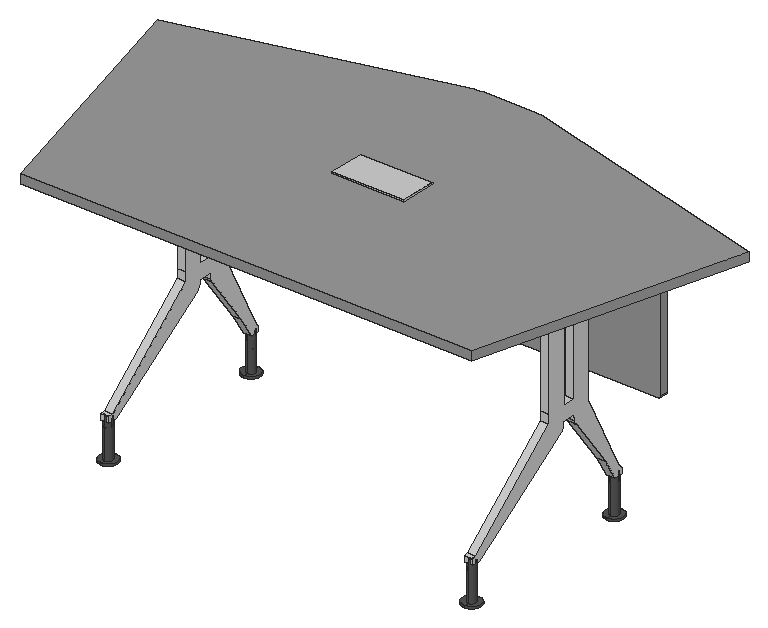
Revit family "Haworth_Planes_TrainingTable_Polygon_AP_PRELIMINARY", category Furniture, Revit 2019
Family settings
  OmniClass Number = 23.40.70.14.64.21
  OmniClass Title = Systems Furniture
  Work Plane-Based = No
  Always vertical = Yes
  Cut with Voids When Loaded = No
  Shared = No
  Room Calculation Point = No
Parameters (values of type "1650w x 750d")
  With Screen = yes
  Warranty = "http://www.haworth.com/resources/product-info/warranties"
  URL - Product = "https://www.haworth.com/ap/en/products/conference-tables/planes-0.html"
  Trim Finish = Haworth _ Polymer _ Undecided
  Top Finish [instance] = Haworth _ Laminate _ Undecided _ Tables
  Support Finish [instance] = Haworth _ Paint _ Undecided _ Table
  Small = not(Large)  # no
  Screen Width = Actual Width - 500 mm  # 1150 mm
  Screen Finish [instance] = Haworth _ Fabric _ Undecided _ Screen
  Model = "WOPLTRL"  # constant formula
  Base Width = 1200 mm  # constant formula
  Leg Height = Actual Height - 25 mm  # 715 mm
  Large = yes
  Glides = yes
  Flip Top Finish = Haworth _ Paint _ Undecided _ Table
  Flip Top = yes
  Description = "Haworth - Planes - Training Table - Polygon"  # constant formula
  URL = "https://www.haworth.com/ap/en.html"
  Size = "Verify Final Dim. w/ Haworth"  # constant formula
  Revision Number = "1"  # constant formula
  Manufacturer = "Haworth"  # constant formula
  Casters = not(Glides)  # no
  Caster Finish = Haworth _ Polymer _ Black
  Author = "Haworth (Abd Rahman)"  # constant formula
  Assembly Code = "E2020200"
  Actual Width = if(Small, 1450 mm, 1650 mm)  # 1650 mm
  Actual Height = 740 mm  # constant formula
  Actual Depth = if(Small, 650 mm, 750 mm)  # 750 mm
Reference planes
  plane 1 "Center F/B": y = 0
  plane 2: z = 0
  plane 3 "Top": z = 740
  plane 4: x = 0
  plane 5: z = 715
  plane 6: x = -600
  plane 7: x = 600
  plane 8: y = 375
  plane 9: y = -375
  plane 10: y = -325
  plane 11: x = 530
  plane 12: y = 275
  plane 13: x = -530
  plane 14: y = 102.482
  plane 15: x = 420
  plane 16: x = -420
  plane 17: z = 689.941
  plane 18: x = -825
  plane 19: x = 825
Dimensions and locks
  "Actual Height": plane 3 "Top" to level
  "Base Width": plane 6 to plane 7
  equal spacing: plane 6, plane 4, plane 7
  equal spacing: plane 8, plane 1 "Center F/B", plane 9
  "Actual Depth": plane 8 to plane 9
  locked: plane 3 "Top" to plane 5 at 25
  locked: plane 6 to plane 13 at 70
  locked: plane 11 to plane 7 at 70
  locked: plane 10 to plane 9 at 50
  locked: plane 12 to plane 8 at 100
  locked: plane 1 "Center F/B" to plane 14 at 102.482
  locked: plane 15 to plane 7 at 180
  locked: plane 6 to plane 16 at 180
  locked: plane 5 to plane 17 at 25.059
  equal spacing: plane 18, plane 4, plane 19
  "Actual Width": plane 18 to plane 19
  aligned and locked: nested 2 to plane 4
  aligned and locked: plane 1 "Center F/B" to nested 2
  aligned and locked: plane 3 "Top" to nested 2
  aligned and locked: level to nested 4
  aligned and locked: level to nested 3
  aligned and locked: nested 1 to plane 4
  aligned and locked: plane 5 to nested 1
  aligned and locked: nested 5 to plane 4
  aligned and locked: nested 6 to plane 4
  aligned and locked: nested 6 to plane 3 "Top"
  aligned and locked: plane 1 "Center F/B" to nested 4
  aligned and locked: nested 4 to plane 11
  aligned and locked: plane 1 "Center F/B" to nested 3
  aligned and locked: plane 13 to nested 3
  aligned and locked: plane 14 to nested 5
  aligned and locked: nested 7 to plane 15
  aligned and locked: plane 1 "Center F/B" to nested 7
  aligned and locked: nested 8 to plane 16
  aligned and locked: nested 8 to plane 1 "Center F/B"
  aligned and locked: nested 8 to plane 5
  aligned and locked: plane 5 to nested 7
  aligned and locked: nested 5 to plane 17
  aligned and locked: plane 14 to nested 6
  aligned and locked: plane 8 to nested 1
Nested families
  nested 1: "Haworth_Planes_ModestyPanel-PART" at (0, -16, -463.707), Screen Finish <- "Screen Finish", Trim Finish <- "Trim Finish", visible <- "With Screen", type "Modesty Panel"
    with Trim Finish Haworth _ Polymer _ Undecided, Screen Finish Haworth _ Fabric _ Undecided _ Screen, Actual Width 1150 mm
  nested 2: "Haworth_Planes_Top_Training_Polygon_AP-PART" at (556.859, 72.1, 5), Top Finish <- "Top Finish", type "Training Table - Top"
    with Top Finish Haworth _ Laminate _ Undecided _ Tables, Squared Corners - Small no, Small no, Large no, Cascade - Small no, Cascade - Large no
  nested 3: "Haworth_Planes_YLeg_Linear-PART" at (-984, 29.1, 0.293), Support Finish <- "Support Finish", type "Leg"
    with Support Finish Haworth _ Paint _ Undecided _ Table, Glides yes, Casters no
  nested 4: "Haworth_Planes_YLeg_Linear-PART" at (30, 29.1, 0.293), Support Finish <- "Support Finish", type "Leg"
    with Support Finish Haworth _ Paint _ Undecided _ Table, Glides yes, Casters no
  nested 5: "Haworth_Planes_Beam_Understructure-PART" at (0, 131.582, -25.059), Support Finish <- "Support Finish", type "Beam Understructure"
    with Support Finish Haworth _ Paint _ Undecided _ Table, Actual Width 800 mm
  nested 6: "Haworth-Flip Top" at (-14.487, 101.149, -60), visible <- "Flip Top", type "Flip Top - Visio"
    with Actual Width 200 mm, Actual Depth 100 mm
  nested 7: "Haworth_Planes_DeskUnderstructure-PART" at (420, 29.1, 0), Support Finish <- "Support Finish", type "Desk Understructure"
    with Support Finish Haworth _ Paint _ Undecided _ Table
  nested 8: "Haworth_Planes_DeskUnderstructure-PART" at (-420, 29.1, 0) x (-1, 0, 0) z (0, 0, 1), Support Finish <- "Support Finish", type "Desk Understructure"
    with Support Finish Haworth _ Paint _ Undecided _ Table
Definition of nested family "Haworth_Planes_ModestyPanel-PART"
  Parameters (values of type "Modesty Panel")
    Warranty = "http://www.haworth.com/resources/product-info/warranties"
    URL - Product = "\"Haworth - Planes - Modesty Panel\""
    URL = "https://www.haworth.com/eu/en.html"
    Trim Finish [instance] = none
    Thickness = 32 mm  # constant formula
    Size = "Verify Final Dim. w/ Haworth"  # constant formula
    Screen Finish [instance] = none
    Revision Number = ""
    Model = "Haworth - Planes - Modesty Panel"  # constant formula
    Manufacturer = "Haworth"  # constant formula
    Description = "Haworth - Planes - Modesty Panel"  # constant formula
    Author = "Haworth (Abd Rahman)"  # constant formula
    Assembly Code = ""
    Actual Width = 1300 mm
    Actual Height = 400 mm
    Actual Depth = 20 mm  # constant formula
  Reference planes
    plane 1 "Center F/B": y = 381
    plane 2: z = 0
    plane 3 "Center L/R": x = 0
    plane 4 "Table Front": y = 391
    plane 5 "Table Right": x = 650
    plane 6 "Table Left": x = -650
    plane 7 "Table Back": y = 371
    plane 8: z = 745.582
    plane 9: z = 1145.582
    plane 10: x = 400.779
    plane 11: x = -400.779
    plane 12: z = 1178.707
    plane 13: y = 399.573
  Forms (mm)
    Extrusion 1, solid, material <- "Screen Finish"
      sketch origin (0, 391, 0) x (-1, 0, 0) y (0, 0, 1)
        loop
          line (645, 1145.582) -> (-645, 1145.582)
          arc (-645, 1145.582) -> (-648.536, 1144.118) -> (-650, 1140.582) r 5
          line (-650, 1140.582) -> (-650, 750.582)
          arc (-650, 750.582) -> (-648.536, 747.047) -> (-645, 745.582) r 5
          line (-645, 745.582) -> (645, 745.582)
          arc (645, 745.582) -> (648.536, 747.047) -> (650, 750.582) r 5
          line (650, 750.582) -> (650, 1140.582)
          arc (650, 1140.582) -> (648.536, 1144.118) -> (645, 1145.582) r 5
      from -20 to 0
  Lines and regions (mm)
    Masking region 1
      outline origin (0, 0, 0) x (1, 0, 0) y (0, 1, 0)
        loop
          line (-650, 391) -> (-650, 371) -> (650, 371) -> (650, 391) -> (-650, 391)
  Dimensions and locks
    "Actual Depth": plane 7 "Table Back" to plane 4 "Table Front"
    "Actual Width": plane 6 "Table Left" to plane 5 "Table Right"
    equal spacing: plane 6 "Table Left", plane 3 "Center L/R", plane 5 "Table Right"
    equal spacing: plane 4 "Table Front", plane 1 "Center F/B", plane 7 "Table Back"
    "Actual Height": plane 9 to plane 8
    locked: plane 11 to plane 6 "Table Left" at 249.221
    locked: plane 10 to plane 5 "Table Right" at 249.221
    plane 12 to plane 9 = 33.125 mm
    aligned and locked: Extrusion 1 sketch curve to plane 5 "Table Right"
    aligned and locked: plane 8 to Extrusion 1 sketch curve
    aligned and locked: nested 1 to plane 10
    aligned and locked: nested 2 to plane 11
    aligned and locked: plane 4 "Table Front" to Extrusion 1
    aligned and locked: plane 7 "Table Back" to Extrusion 1
    aligned and locked: plane 12 to nested 1
    aligned and locked: plane 12 to nested 2
    aligned and locked: plane 13 to nested 2
    aligned and locked: plane 13 to nested 1
    aligned and locked: plane 6 "Table Left" to Masking region 1 sketch curve
    aligned and locked: Masking region 1 sketch curve to plane 7 "Table Back"
    aligned and locked: plane 5 "Table Right" to Masking region 1 sketch curve
    aligned and locked: Masking region 1 sketch curve to plane 4 "Table Front"
  Automatic sketch dimensions
    plane 5 "Table Right" to Extrusion 1 sketch curve = 5 mm  (x2)
    Extrusion 1 sketch curve to Extrusion 1 sketch curve = 5 mm  (x2)
    Extrusion 1 sketch curve to plane 6 "Table Left" = 0 mm
    Extrusion 1 sketch curve to plane 9 = 0 mm
  Nested families
    nested 1: "Haworth_Planes_ModestyPanel-FixingKit-PART" at (11.175, 2353.951, 465.107), Trim Finish <- "Trim Finish", type "Fixing Kit"
      with Trim Finish none
    nested 2: "Haworth_Planes_ModestyPanel-FixingKit-PART" at (-790.384, 2353.951, 465.107), Trim Finish <- "Trim Finish", type "Fixing Kit"
      with Trim Finish none
  Definition of nested family "Haworth_Planes_ModestyPanel-FixingKit-PART"
    Parameters (values of type "Fixing Kit")
      Warranty = "http://www.haworth.com/resources/product-info/warranties"
      URL - Product = "https://www.haworth.com/eu/en/products/conference-tables/planes-0.html"
      URL = "https://www.haworth.com/eu/en.html"
      Trim Finish [instance] = none
      Size = "Verify Final Dim. w/ Haworth"  # constant formula
      Revision Number = ""
      Model = "Haworth - Planes - Modesty Panel"  # constant formula
      Manufacturer = "Haworth"  # constant formula
      Description = "Haworth - Planes - Modesty Panel"  # constant formula
      Author = "Haworth (Abd Rahman)"  # constant formula
      Assembly Code = ""
      Actual Width = 60 mm  # constant formula
      Actual Height = 400 mm
      Actual Depth = 80 mm  # constant formula
    Reference planes
      plane 1: z = 0
      plane 2: x = 419.604
      plane 3: x = 359.604
      plane 4: y = -2045.451
      plane 5: y = -1965.451
      plane 6: x = 389.604
      plane 7: y = -2005.451
      plane 8: z = 713.6
      plane 9: z = 646.069
    Forms (mm)
      Extrusion 1, solid, material <- "Trim Finish"
        sketch origin (0, 0, 0) x (1, 0, 0) y (0, 1, 0)
          loop
            line (359.604, -1966.95) -> (359.604, -2043.951) -> (361.104, -2045.451) -> (418.104, -2045.451) -> (419.604, -2043.951) -> (419.604, -1966.95) -> (418.104, -1965.451) -> (400.162, -1965.451) -> (400.162, -1990.429) -> (379.046, -1990.429) -> (379.046, -1965.451) -> (361.104, -1965.451) -> (359.604, -1966.95)
        from 694.159 to 713.6
      Extrusion 2, solid, material <- "Trim Finish"
        sketch origin (0, 0, 0) x (1, 0, 0) y (0, 1, 0)
          loop
            line (382.136, -1955.878) -> (382.136, -1990.429) -> (397.072, -1990.429) -> (397.072, -1955.878) -> (395.572, -1954.378) -> (383.637, -1954.378) -> (382.136, -1955.878)
        from 703.859 to 710.25
      Extrusion 3, solid, material <- "Trim Finish"
        sketch origin (700, 0, 0) x (0, -1, 0) y (0, 0, 1)
          loop
            line (2038.451, 694.159) -> (1970.296, 694.159) -> (1970.296, 683.014)
            arc (1970.296, 683.014) -> (1971.43, 680.646) -> (1973.987, 680.046) r 3.039
            line (1973.987, 680.046) -> (2038.451, 694.159)
        from 283.261 to 337.338
      Extrusion 4, solid, material <- "Trim Finish"
        sketch origin (700, 0, 0) x (0, -1, 0) y (0, 0, 1)
          loop
            arc (1989.867, 673.842) -> (1986.219, 683.857) -> (1977.537, 690.041) r 17.962
            arc (1977.537, 690.041) -> (1969.985, 689.966) -> (1965.918, 683.601) r 7.933
            line (1965.918, 683.601) -> (1965.918, 678.966) -> (1970.296, 678.966) -> (1970.296, 683.343) -> (1976.219, 683.343) -> (1976.219, 678.966) -> (1981.884, 678.966) -> (1981.884, 646.069) -> (1989.867, 646.069) -> (1989.867, 673.842)
        from 280.3 to 340.299
      Extrusion 5, void
        sketch origin (0, 397, 0) x (-1, 0, 0) y (0, 0, 1)
          loop
            line (-413.2, 690.94) -> (-413.2, 669.953) -> (-416.701, 669.953)
            arc (-416.701, 669.953) -> (-418.822, 669.074) -> (-419.7, 666.953) r 3
            line (-419.7, 666.953) -> (-419.7, 649.069)
            arc (-419.7, 649.069) -> (-418.822, 646.947) -> (-416.7, 646.069) r 3
            line (-416.7, 646.069) -> (-362.443, 646.069)
            arc (-362.443, 646.069) -> (-360.322, 646.947) -> (-359.443, 649.069) r 3
            line (-359.443, 649.069) -> (-359.443, 666.982)
            arc (-359.443, 666.982) -> (-360.313, 669.083) -> (-362.413, 669.953) r 2.97
            line (-362.413, 669.953) -> (-365.943, 669.953) -> (-365.943, 690.94) -> (-378.572, 690.94) -> (-378.572, 669.953) -> (-400.572, 669.953) -> (-400.572, 690.94) -> (-413.2, 690.94)
          loop
            line (-354.992, 695.369) -> (-426.878, 695.369) -> (-426.878, 640.369) -> (-354.992, 640.369) -> (-354.992, 695.369)
        from -2414.06 to -2318.616
      Extrusion 6, solid, material <- "Trim Finish"
        sketch origin (0, 0, 0) x (1, 0, 0) y (0, 1, 0)
          loop
            line (400.162, -1990.429) -> (400.162, -1965.451) -> (379.046, -1965.451) -> (379.046, -1990.429) -> (400.162, -1990.429)
        from 694.159 to 707.6
    Cuts and joins
      Extrusion 5 cuts Extrusion 4
      joined: Extrusion 1, Extrusion 2, Extrusion 3, Extrusion 4, Extrusion 6
    Lines and regions (mm)
      Masking region 1
        outline origin (0, 0, 0) x (1, 0, 0) y (0, 1, 0)
          loop
            line (359.604, -1966.95) -> (359.604, -2043.951) -> (361.104, -2045.451) -> (418.104, -2045.451) -> (419.604, -2043.951) -> (419.604, -1966.95) -> (418.104, -1965.451) -> (400.162, -1965.451) -> (400.162, -1990.429) -> (397.072, -1990.429) -> (397.072, -1955.878) -> (395.572, -1954.378) -> (383.637, -1954.378) -> (382.136, -1955.878) -> (382.136, -1990.429) -> (379.046, -1990.429) -> (379.046, -1965.451) -> (361.104, -1965.451) -> (359.604, -1966.95)
    Dimensions and locks
      equal spacing: plane 3, plane 6, plane 2
      "Actual Width": plane 3 to plane 2
      "Actual Depth": plane 4 to plane 5
      equal spacing: plane 4, plane 7, plane 5
    Automatic sketch dimensions
      Extrusion 1 sketch curve to plane 3 = 0 mm
      plane 4 to Extrusion 1 sketch curve = 0 mm
      plane 5 to Extrusion 1 sketch curve = 0 mm  (x2)
      Extrusion 1 sketch curve to plane 2 = 0 mm
      Extrusion 1 sketch curve to plane 3 = 1.5 mm  (x2)
      Extrusion 1 sketch curve to plane 6 = 10.558 mm
      plane 6 to Extrusion 1 sketch curve = 10.558 mm
      plane 2 to Extrusion 1 sketch curve = 1.5 mm  (x2)
      Extrusion 1 sketch curve to plane 4 = 1.5 mm  (x2)
      plane 5 to Extrusion 1 sketch curve = 1.5 mm  (x2)
      Extrusion 2 sketch curve to plane 6 = 7.468 mm
      Extrusion 2 sketch curve to Extrusion 2 sketch curve = 1.5 mm  (x3)
      plane 6 to Extrusion 2 sketch curve = 5.968 mm
      Extrusion 2 sketch curve to plane 5 = 9.573 mm  (x2)
      plane 5 to Extrusion 3 sketch curve = 4.845 mm
      Extrusion 3 sketch curve to Extrusion 3 sketch curve = 3.039 mm
      Extrusion 3 sketch curve to Extrusion 3 sketch curve = 0.652 mm
      Extrusion 3 sketch curve to plane 4 = 7 mm
      Extrusion 3 sketch curve to Extrusion 3 sketch curve = 11.145 mm
      plane 5 to Extrusion 4 sketch curve = 0.468 mm
      Extrusion 4 sketch curve to Extrusion 4 sketch curve = 4.378 mm
      Extrusion 4 sketch curve to Extrusion 4 sketch curve = 1.629 mm
      Extrusion 4 sketch curve to Extrusion 4 sketch curve = 3.535 mm
      Extrusion 4 sketch curve to Extrusion 4 sketch curve = 2.388 mm
      plane 5 to Extrusion 4 sketch curve = 16.433 mm
      Extrusion 4 sketch curve to Extrusion 4 sketch curve = 7.983 mm
      Extrusion 4 sketch curve to Extrusion 4 sketch curve = 26.91 mm
      Extrusion 4 sketch curve to Extrusion 4 sketch curve = 0.864 mm
      Extrusion 4 sketch curve to Extrusion 4 sketch curve = 5.987 mm  (x2)
      Extrusion 4 sketch curve to Extrusion 4 sketch curve = 4.062 mm
      Extrusion 4 sketch curve to Extrusion 4 sketch curve = 0.316 mm
      Extrusion 4 sketch curve to Extrusion 4 sketch curve = 0.258 mm
      Extrusion 5 sketch curve to plane 2 = 7.274 mm
      Extrusion 5 sketch curve to plane 2 = 0.096 mm
      plane 2 to Extrusion 5 sketch curve = 2.904 mm  (x2)
      Extrusion 5 sketch curve to Extrusion 5 sketch curve = 3.5 mm
      plane 6 to Extrusion 5 sketch curve = 10.967 mm
      Extrusion 5 sketch curve to plane 6 = 11.033 mm
      Extrusion 5 sketch curve to plane 3 = 6.339 mm
      Extrusion 5 sketch curve to plane 3 = 2.839 mm
      Extrusion 5 sketch curve to plane 3 = 2.809 mm
      plane 3 to Extrusion 5 sketch curve = 0.161 mm
      plane 3 to Extrusion 5 sketch curve = 4.613 mm
      Extrusion 5 sketch curve to Extrusion 5 sketch curve = 5.7 mm
      Extrusion 5 sketch curve to Extrusion 5 sketch curve = 17.884 mm
      Extrusion 5 sketch curve to Extrusion 5 sketch curve = 17.914 mm
      Extrusion 5 sketch curve to Extrusion 5 sketch curve = 0 mm
      Extrusion 5 sketch curve to Extrusion 5 sketch curve = 20.987 mm  (x2)
      Extrusion 5 sketch curve to Extrusion 5 sketch curve = 4.429 mm
      plane 5 to Extrusion 6 sketch curve = 0 mm
      Extrusion 6 sketch curve to plane 6 = 10.558 mm
      plane 6 to Extrusion 6 sketch curve = 10.558 mm
      Extrusion 1 sketch curve to Extrusion 1 sketch curve = 24.978 mm
      plane 5 to Extrusion 2 sketch curve = 24.978 mm
      plane 5 to Extrusion 6 sketch curve = 24.978 mm
      level to Extrusion 3 sketch curve = 680.046 mm
      level to Extrusion 4 sketch curve = 646.069 mm
      level to Extrusion 5 sketch curve = 640.369 mm
      Masking region 1 sketch curve to plane 3 = 0 mm
      plane 4 to Masking region 1 sketch curve = 0 mm
      plane 5 to Masking region 1 sketch curve = 0 mm  (x2)
      Masking region 1 sketch curve to plane 2 = 0 mm
      Masking region 1 sketch curve to plane 3 = 1.5 mm  (x2)
      Masking region 1 sketch curve to plane 6 = 10.558 mm
      plane 6 to Masking region 1 sketch curve = 10.558 mm
      plane 2 to Masking region 1 sketch curve = 1.5 mm  (x2)
      Masking region 1 sketch curve to plane 4 = 1.5 mm  (x2)
      plane 7 to Masking region 1 sketch curve = 15.022 mm  (x2)
      plane 5 to Masking region 1 sketch curve = 1.5 mm  (x2)
      Masking region 1 sketch curve to Masking region 1 sketch curve = 3.09 mm  (x2)
      Masking region 1 sketch curve to plane 5 = 9.573 mm
      Masking region 1 sketch curve to Masking region 1 sketch curve = 1.5 mm  (x3)
      plane 6 to Masking region 1 sketch curve = 5.968 mm
Definition of nested family "Haworth_Planes_Top_Training_Polygon_AP-PART"
  Parameters (values of type "Training Table - Top")
    Warranty = "http://www.haworth.com/resources/product-info/warranties"
    URL - Product = ""
    URL = ""
    Top Finish [instance] = none
    Thickness = 25 mm
    Squared Corners - Small = yes
    Squared Corners - Large = yes
    Small = yes
    Size = "Verify Final Dim. w/ Haworth"  # constant formula
    Revision Number = "1"  # constant formula
    Model = ""
    Manufacturer = "Haworth"  # constant formula
    Large = yes
    Description = ""
    Cascade - Small = yes
    Cascade - Large = yes
    Author = "Haworth (Abd Rahman)"  # constant formula
    Assembly Code = "E2020200"
    Actual Width = 1650 mm
    Actual Mounting Height = 450 mm
    Actual Depth = 750 mm
  Reference planes
    plane 1: z = -5
    plane 2: x = -1381.859
    plane 3: x = 268.141
    plane 4: x = -556.859
    plane 5: y = 302.9
    plane 6: y = -447.1
    plane 7: y = -72.1
    plane 8: z = 735
    plane 9: z = 710
    plane 10: z = 725.685
  Forms (mm)
    Extrusion 1, solid, material <- "Top Finish", visible <- "Squared Corners - Large"
      sketch origin (0, 0, -5) x (1, 0, 0) y (0, 1, 0)
        loop
          line (74.453, -447.1) -> (268.133, 275.721) -> (-462.572, 466.017)
          arc (-462.572, 466.017) -> (-473.82, 468.193) -> (-485.254, 468.922) r 90
          line (-485.254, 468.922) -> (-625.03, 468.922)
          arc (-625.03, 468.922) -> (-637.099, 468.153) -> (-648.972, 465.856) r 95
          line (-648.972, 465.856) -> (-1379.057, 275.721) -> (-1185.377, -447.1) -> (74.453, -447.1)
      from 715 to 740
    Blend 2, solid, material <- "Top Finish", visible <- "Cascade - Large"
      base sketch origin (0, 0, -5) x (1, 0, 0) y (0, 1, 0)
        loop
          line (-655.983, 450.596) -> (-1363.111, 266.44) -> (-1175.402, -434.1) -> (64.478, -434.1) -> (252.187, 266.44) -> (-462.377, 452.533)
          arc (-462.377, 452.533) -> (-475.5, 455.072) -> (-488.84, 455.922) r 105
          line (-488.84, 455.922) -> (-614.4, 455.922)
          arc (-614.4, 455.922) -> (-635.361, 454.585) -> (-655.983, 450.596) r 165
      top sketch origin (0, 0, -5) x (1, 0, 0) y (0, 1, 0)
        loop
          line (74.453, -447.1) -> (268.133, 275.721) -> (-462.572, 466.017)
          arc (-462.572, 466.017) -> (-473.82, 468.193) -> (-485.254, 468.922) r 90
          line (-485.254, 468.922) -> (-625.03, 468.922)
          arc (-625.03, 468.922) -> (-637.099, 468.153) -> (-648.972, 465.856) r 95
          line (-648.972, 465.856) -> (-1379.057, 275.721) -> (-1185.377, -447.1) -> (74.453, -447.1)
      from 715 to 730.685
    Extrusion 3, solid, material <- "Top Finish", visible <- "Cascade - Large"
      sketch origin (0, 0, -5) x (1, 0, 0) y (0, 1, 0)
        loop
          line (74.453, -447.1) -> (268.133, 275.721) -> (-462.572, 466.017)
          arc (-462.572, 466.017) -> (-473.82, 468.193) -> (-485.254, 468.922) r 90
          line (-485.254, 468.922) -> (-625.03, 468.922)
          arc (-625.03, 468.922) -> (-637.099, 468.153) -> (-648.972, 465.856) r 95
          line (-648.972, 465.856) -> (-1379.057, 275.721) -> (-1185.377, -447.1) -> (74.453, -447.1)
      from 730.685 to 740
    Extrusion 4, solid, material <- "Top Finish", visible <- "Squared Corners - Small"
      sketch origin (-6.992, -62.171, -5) x (1, 0, 0) y (0, 1, 0)
        loop
          line (13.776, -384.929) -> (181.073, 239.431) -> (-452.797, 404.532)
          arc (-452.797, 404.532) -> (-470.296, 407.917) -> (-488.084, 409.052) r 140
          line (-488.084, 409.052) -> (-600.135, 409.052)
          arc (-600.135, 409.052) -> (-625.546, 407.431) -> (-650.546, 402.595) r 200
          line (-650.546, 402.595) -> (-1277.945, 239.179) -> (-1110.716, -384.929) -> (13.776, -384.929)
      from 715 to 740
    Blend 5, solid, material <- "Top Finish", visible <- "Cascade - Small"
      base sketch origin (-6.992, -62.171, -5) x (1, 0, 0) y (0, 1, 0)
        loop
          line (-647.269, 390.014) -> (-1262, 229.898) -> (-1100.741, -371.929) -> (3.801, -371.929) -> (165.128, 230.15) -> (-456.073, 391.952)
          arc (-456.073, 391.952) -> (-471.948, 395.023) -> (-488.084, 396.052) r 127
          line (-488.084, 396.052) -> (-600.135, 396.052)
          arc (-600.135, 396.052) -> (-623.894, 394.537) -> (-647.269, 390.014) r 187
      top sketch origin (-6.992, -62.171, -5) x (1, 0, 0) y (0, 1, 0)
        loop
          line (181.073, 239.431) -> (-452.797, 404.532)
          arc (-452.797, 404.532) -> (-470.296, 407.917) -> (-488.084, 409.052) r 140
          line (-488.084, 409.052) -> (-600.135, 409.052)
          arc (-600.135, 409.052) -> (-625.546, 407.431) -> (-650.546, 402.595) r 200
          line (-650.546, 402.595) -> (-1277.945, 239.179) -> (-1110.716, -384.929) -> (13.776, -384.929) -> (181.073, 239.431)
      from 715 to 730.685
    Extrusion 6, solid, material <- "Top Finish", visible <- "Cascade - Small"
      sketch origin (-6.992, -62.171, -5) x (1, 0, 0) y (0, 1, 0)
        loop
          line (181.073, 239.431) -> (-452.797, 404.532)
          arc (-452.797, 404.532) -> (-470.296, 407.917) -> (-488.084, 409.052) r 140
          line (-488.084, 409.052) -> (-600.135, 409.052)
          arc (-600.135, 409.052) -> (-625.546, 407.431) -> (-650.546, 402.595) r 200
          line (-650.546, 402.595) -> (-1277.945, 239.179) -> (-1110.716, -384.929) -> (13.776, -384.929) -> (181.073, 239.431)
      from 730.685 to 740
  Cuts and joins
    joined: Blend 2, Extrusion 3
  Lines and regions (mm)
    Masking region 1
      outline origin (0, 0, -5) x (1, 0, 0) y (0, 1, 0)
        loop
          line (268.133, 275.721) -> (-462.572, 466.017)
          arc (-462.572, 466.017) -> (-473.82, 468.193) -> (-485.254, 468.922) r 90
          line (-485.254, 468.922) -> (-625.03, 468.922)
          arc (-625.03, 468.922) -> (-637.099, 468.153) -> (-648.972, 465.856) r 95
          line (-648.972, 465.856) -> (-1379.057, 275.721) -> (-1185.377, -447.1) -> (74.453, -447.1) -> (268.133, 275.721)
    Masking region 2, visible <- "Small"
      outline origin (-6.992, -62.171, -5) x (1, 0, 0) y (0, 1, 0)
        loop
          arc (-452.797, 404.532) -> (-470.296, 407.917) -> (-488.084, 409.052) r 140
          line (-488.084, 409.052) -> (-600.135, 409.052)
          arc (-600.135, 409.052) -> (-625.546, 407.431) -> (-650.546, 402.595) r 200
          line (-650.546, 402.595) -> (-1277.945, 239.179) -> (-1110.716, -384.929) -> (13.776, -384.929) -> (181.073, 239.431) -> (-452.797, 404.532)
  Dimensions and locks
    equal spacing: plane 2, plane 4, plane 3
    equal spacing: plane 6, plane 7, plane 5
    "Actual Width": plane 2 to plane 3
    "Actual Depth": plane 6 to plane 5
    plane 8 to plane 10 to plane 9 = 9.315 mm locked, 15.685 mm locked
    aligned and locked: level to plane 1
    aligned and locked: plane 8 to Extrusion 1
    aligned and locked: Extrusion 1 to plane 9
    aligned and locked: Blend 2 to plane 9
    aligned and locked: plane 10 to Blend 2
    aligned and locked: plane 8 to Extrusion 3
    aligned and locked: Extrusion 3 to plane 10
  Automatic sketch dimensions
    plane 6 to Extrusion 1 sketch curve = 0 mm
    Extrusion 1 sketch curve to plane 2 = 2.802 mm
    Extrusion 1 sketch curve to plane 2 = 196.482 mm
    Extrusion 1 sketch curve to plane 4 = 92.113 mm
    Extrusion 1 sketch curve to plane 4 = 68.171 mm
    plane 4 to Extrusion 1 sketch curve = 71.606 mm
    Extrusion 1 sketch curve to Extrusion 1 sketch curve = 22.682 mm
    plane 3 to Extrusion 1 sketch curve = 193.688 mm
    plane 3 to Extrusion 1 sketch curve = 0.008 mm
    plane 5 to Extrusion 1 sketch curve = 27.179 mm  (x2)
    Extrusion 1 sketch curve to plane 5 = 71.022 mm
    Extrusion 1 sketch curve to plane 5 = 76.022 mm
    Extrusion 1 sketch curve to Extrusion 1 sketch curve = 91.934 mm
    Blend 2 sketch curve to plane 2 = 18.748 mm
    Blend 2 sketch curve to plane 6 = 13 mm
    Blend 2 sketch curve to plane 2 = 206.457 mm
    Blend 2 sketch curve to plane 4 = 99.124 mm
    plane 5 to Blend 2 sketch curve = 11.978 mm
    Blend 2 sketch curve to plane 4 = 57.541 mm
    plane 4 to Blend 2 sketch curve = 68.019 mm
    Blend 2 sketch curve to Blend 2 sketch curve = 26.462 mm
    plane 3 to Blend 2 sketch curve = 203.663 mm
    plane 3 to Blend 2 sketch curve = 15.954 mm
    plane 5 to Blend 2 sketch curve = 36.46 mm  (x2)
    Blend 2 sketch curve to plane 5 = 48.022 mm
    Blend 2 sketch curve to plane 5 = 147.696 mm
    plane 6 to Blend 2 sketch curve = 0 mm
    Blend 2 sketch curve to plane 2 = 2.802 mm
    Blend 2 sketch curve to plane 2 = 196.482 mm
    Blend 2 sketch curve to plane 4 = 92.113 mm
    Blend 2 sketch curve to plane 4 = 68.171 mm
    plane 4 to Blend 2 sketch curve = 71.606 mm
    Blend 2 sketch curve to Blend 2 sketch curve = 22.682 mm
    plane 3 to Blend 2 sketch curve = 193.688 mm
    plane 3 to Blend 2 sketch curve = 0.008 mm
    plane 5 to Blend 2 sketch curve = 27.179 mm  (x2)
    Blend 2 sketch curve to plane 5 = 71.022 mm
    Blend 2 sketch curve to plane 5 = 76.022 mm
    Blend 2 sketch curve to Blend 2 sketch curve = 91.934 mm
    plane 6 to Extrusion 3 sketch curve = 0 mm
    Extrusion 3 sketch curve to plane 2 = 2.802 mm
    Extrusion 3 sketch curve to plane 2 = 196.482 mm
    Extrusion 3 sketch curve to plane 4 = 92.113 mm
    Extrusion 3 sketch curve to plane 4 = 68.171 mm
    plane 4 to Extrusion 3 sketch curve = 71.606 mm
    Extrusion 3 sketch curve to Extrusion 3 sketch curve = 22.682 mm
    plane 3 to Extrusion 3 sketch curve = 193.688 mm
    plane 3 to Extrusion 3 sketch curve = 0.008 mm
    plane 5 to Extrusion 3 sketch curve = 27.179 mm  (x2)
    Extrusion 3 sketch curve to plane 5 = 71.022 mm
    Extrusion 3 sketch curve to plane 5 = 76.022 mm
    Extrusion 3 sketch curve to Extrusion 3 sketch curve = 91.934 mm
    plane 6 to Masking region 1 sketch curve = 0 mm
    Masking region 1 sketch curve to plane 2 = 2.802 mm
    Masking region 1 sketch curve to plane 2 = 196.482 mm
    Masking region 1 sketch curve to plane 4 = 92.113 mm
    Masking region 1 sketch curve to Masking region 1 sketch curve = 23.942 mm
    plane 4 to Masking region 1 sketch curve = 71.606 mm
    Masking region 1 sketch curve to Masking region 1 sketch curve = 22.682 mm
    plane 3 to Masking region 1 sketch curve = 193.688 mm
    plane 3 to Masking region 1 sketch curve = 0.008 mm
    plane 5 to Masking region 1 sketch curve = 27.179 mm  (x2)
    Masking region 1 sketch curve to plane 5 = 71.022 mm
    Masking region 1 sketch curve to plane 5 = 76.022 mm
    Masking region 1 sketch curve to Masking region 1 sketch curve = 91.934 mm
    plane 5 to Masking region 2 sketch curve = 125.892 mm
    plane 7 to Masking region 2 sketch curve = 375 mm
    Masking region 2 sketch curve to plane 5 = 37.524 mm
    Masking region 2 sketch curve to Masking region 2 sketch curve = 627.4 mm
    Masking region 2 sketch curve to Masking region 2 sketch curve = 112.05 mm
    Masking region 2 sketch curve to plane 5 = 39.461 mm
    Masking region 2 sketch curve to Masking region 2 sketch curve = 35.288 mm
    Masking region 2 sketch curve to Masking region 2 sketch curve = 501.861 mm
    plane 5 to Masking region 2 sketch curve = 125.64 mm
    Masking region 2 sketch curve to Masking region 2 sketch curve = 167.297 mm
    plane 5 to Masking region 2 sketch curve = 156.019 mm
    Masking region 2 sketch curve to plane 2 = 96.922 mm
    Masking region 2 sketch curve to Masking region 2 sketch curve = 167.229 mm
    Masking region 2 sketch curve to Masking region 2 sketch curve = 50.411 mm
    plane 5 to Extrusion 6 sketch curve = 125.892 mm
    Extrusion 6 sketch curve to plane 5 = 37.524 mm
    plane 5 to Extrusion 6 sketch curve = 156.019 mm
    Extrusion 6 sketch curve to plane 5 = 39.461 mm
    Extrusion 6 sketch curve to Extrusion 6 sketch curve = 35.288 mm
    plane 5 to Extrusion 6 sketch curve = 125.64 mm
    Extrusion 6 sketch curve to plane 2 = 96.922 mm
    plane 7 to Extrusion 6 sketch curve = 375 mm
    Extrusion 6 sketch curve to Extrusion 6 sketch curve = 167.229 mm
    Extrusion 6 sketch curve to Extrusion 6 sketch curve = 627.4 mm
    Extrusion 6 sketch curve to Extrusion 6 sketch curve = 50.411 mm
    Extrusion 6 sketch curve to Extrusion 6 sketch curve = 112.05 mm
    Extrusion 6 sketch curve to Extrusion 6 sketch curve = 501.861 mm
    Extrusion 6 sketch curve to Extrusion 6 sketch curve = 167.297 mm
    plane 5 to Extrusion 4 sketch curve = 125.892 mm
    Extrusion 4 sketch curve to plane 5 = 37.524 mm
    Extrusion 4 sketch curve to plane 5 = 39.461 mm
    Extrusion 4 sketch curve to Extrusion 4 sketch curve = 35.288 mm
    plane 7 to Extrusion 4 sketch curve = 375 mm
    plane 5 to Extrusion 4 sketch curve = 125.64 mm
    plane 5 to Extrusion 4 sketch curve = 156.019 mm
    Extrusion 4 sketch curve to plane 2 = 96.922 mm
    Extrusion 4 sketch curve to Extrusion 4 sketch curve = 167.229 mm
    Extrusion 4 sketch curve to Extrusion 4 sketch curve = 627.4 mm
    Extrusion 4 sketch curve to Extrusion 4 sketch curve = 50.411 mm
    Extrusion 4 sketch curve to Extrusion 4 sketch curve = 112.05 mm
    Extrusion 4 sketch curve to Extrusion 4 sketch curve = 501.861 mm
    Extrusion 4 sketch curve to Extrusion 4 sketch curve = 167.297 mm
    plane 5 to Blend 5 sketch curve = 125.892 mm
    Blend 5 sketch curve to plane 5 = 37.524 mm
    plane 5 to Blend 5 sketch curve = 156.019 mm  (x2)
    Blend 5 sketch curve to plane 5 = 39.461 mm
    Blend 5 sketch curve to Blend 5 sketch curve = 35.288 mm
    plane 5 to Blend 5 sketch curve = 125.64 mm
    Blend 5 sketch curve to plane 2 = 96.922 mm
    plane 7 to Blend 5 sketch curve = 375 mm
    Blend 5 sketch curve to Blend 5 sketch curve = 167.229 mm
    Blend 5 sketch curve to Blend 5 sketch curve = 627.4 mm
    Blend 5 sketch curve to Blend 5 sketch curve = 50.411 mm
    Blend 5 sketch curve to Blend 5 sketch curve = 112.05 mm  (x2)
    Blend 5 sketch curve to Blend 5 sketch curve = 501.861 mm
    Blend 5 sketch curve to Blend 5 sketch curve = 167.297 mm
    plane 5 to Blend 5 sketch curve = 135.173 mm
    Blend 5 sketch curve to plane 5 = 24.944 mm
    plane 7 to Blend 5 sketch curve = 362 mm
    plane 5 to Blend 5 sketch curve = 134.921 mm
    Blend 5 sketch curve to plane 5 = 26.881 mm
    Blend 5 sketch curve to Blend 5 sketch curve = 47.134 mm
    Blend 5 sketch curve to Blend 5 sketch curve = 32.011 mm
    Blend 5 sketch curve to plane 2 = 112.867 mm
    Blend 5 sketch curve to Blend 5 sketch curve = 161.259 mm
    Blend 5 sketch curve to Blend 5 sketch curve = 614.731 mm
    Blend 5 sketch curve to Blend 5 sketch curve = 491.885 mm
    Blend 5 sketch curve to Blend 5 sketch curve = 161.327 mm
Definition of nested family "Haworth_Planes_YLeg_Linear-PART"
  Parameters (values of type "Leg")
    Support Finish [instance] = none
    Leg Height = 715 mm
    Glides = no
    Casters = yes
    Caster Finish = none
    Assembly Code = ""
    Actual Width = 46 mm  # constant formula
    Actual Depth = 615 mm  # constant formula
  Reference planes
    plane 1 "Center (Front/Back)": y = -29.1
    plane 2: z = 0
    plane 3: x = 0
    plane 4 "Bottom of Top": z = 715
    plane 5: x = 500
    plane 6: y = -336.6
    plane 7: y = 278.4
    plane 8: x = 454
    plane 9: x = 478.436
    plane 10: y = 73.381
  Forms (mm)
    Extrusion 1, solid, material <- "Support Finish"
      sketch origin (0, 0, 0) x (0, 1, 0) y (0, 0, 1)
        loop
          line (141.775, 362.671) -> (141.775, 711.5) -> (138.276, 715) -> (95.4, 715) -> (91.901, 711.5) -> (91.901, 710) -> (91.902, 362.671) -> (54.861, 362.671) -> (54.862, 711.5) -> (51.363, 715) -> (4.987, 715) -> (4.987, 362.671) -> (4.987, 339.141) -> (-250.67, 120.532) -> (-261.964, 117.447) -> (-261.964, 102.565) -> (-240.287, 102.565) -> (-193.351, 131.527) -> (45.922, 298.707)
          arc (45.922, 298.707) -> (51.055, 304.416) -> (53.083, 311.821) r 16.665
          line (53.083, 311.821) -> (53.463, 322.671) -> (93.069, 322.671) -> (93.517, 307.315)
          arc (93.517, 307.315) -> (94.461, 302.191) -> (96.907, 297.591) r 17.074
          line (96.907, 297.591) -> (198.363, 160.527) -> (235.55, 102.565) -> (257.964, 102.565) -> (257.964, 117.447) -> (245.98, 132.282) -> (141.775, 339.141) -> (141.775, 362.671)
      from 467.621 to 489.832
    Extrusion 2, solid, material <- "Caster Finish"
      sketch origin (0, -0.312, 0) x (1, 0, 0) y (0, 1, 0)
        loop
          circle (477.789, -250.983) r 5.7
      from 61.935 to 87.325
    Extrusion 3, solid, material <- "Caster Finish"
      sketch origin (1.094, 0, 0) x (1, 0, 0) y (0, 1, 0)
        loop
          circle (477.656, -250.983) r 10.981
      from 87.325 to 117.447
    Extrusion 4, solid, material <- "Caster Finish"
      sketch origin (0, 497.653, 0) x (1, 0, 0) y (0, 1, 0)
        loop
          circle (477.789, -250.983) r 5.7
      from 61.935 to 87.325
    Extrusion 5, solid, material <- "Caster Finish"
      sketch origin (1.094, 497.966, 0) x (1, 0, 0) y (0, 1, 0)
        loop
          circle (477.656, -250.983) r 10.981
      from 87.325 to 117.447
    Extrusion 6, solid, material <- "Support Finish", visible <- "Casters"
      sketch origin (0, 0, -8.138) x (1, 0, 0) y (0, 1, 0)
        loop
          line (462.556, -326.656) -> (464.055, -328.156) -> (489.728, -328.156) -> (491.228, -326.656) -> (491.228, -311.934) -> (462.556, -311.934) -> (462.556, -326.656)
      from 40.081 to 44.029
    Extrusion 7, solid, material <- "Caster Finish", visible <- "Casters"
      sketch origin (-201.113, 0, -0.488) x (0, 1, 0) y (0, 0, 1)
        loop
          circle (-272.817, 40.081) r 39.593
      from 685.428 to 702.475
    Extrusion 8, solid, material <- "Support Finish", visible <- "Casters"
      sketch origin (-201.113, 0, -0.488) x (0, 1, 0) y (0, 0, 1)
        loop
          circle (-272.817, 40.081) r 33.398
      from 671.711 to 689.832
    Extrusion 9, solid, material <- "Support Finish", visible <- "Casters"
      sketch origin (0, 497.966, -8.138) x (1, 0, 0) y (0, 1, 0)
        loop
          line (462.556, -326.656) -> (464.055, -328.156) -> (489.728, -328.156) -> (491.228, -326.656) -> (491.228, -311.934) -> (462.556, -311.934) -> (462.556, -326.656)
      from 40.081 to 44.029
    Extrusion 10, solid, material <- "Caster Finish", visible <- "Casters"
      sketch origin (-201.113, 497.966, -0.488) x (0, 1, 0) y (0, 0, 1)
        loop
          circle (-272.817, 40.081) r 39.593
      from 685.428 to 702.475
    Extrusion 11, solid, material <- "Caster Finish", visible <- "Casters"
      sketch origin (-231.113, 497.966, -0.488) x (0, 1, 0) y (0, 0, 1)
        loop
          circle (-272.817, 40.081) r 39.593
      from 685.428 to 702.475
    Extrusion 12, solid, material <- "Support Finish", visible <- "Casters"
      sketch origin (-201.113, 497.966, -0.488) x (0, 1, 0) y (0, 0, 1)
        loop
          circle (-272.817, 40.081) r 33.398
      from 671.711 to 689.832
    Revolve 13, solid, material <- "Caster Finish", visible <- "Glides"
      sketch origin (478.75, 0, 0) x (0, 1, 0) y (0, 0, 1)
        loop
          line (246.829, 114.52) -> (235.716, 114.52) -> (235.716, 4.47) -> (221.429, 4.47) -> (221.429, -0.293) -> (246.829, -0.293) -> (246.829, 114.52)
        axis (246.829, 114.52) -> (246.829, -0.293)
      angle from 0 to 360
    Revolve 14, solid, material <- "Caster Finish", visible <- "Glides"
      sketch origin (478.75, -4.138, 0) x (0, -1, 0) y (0, 0, 1)
        loop
          line (246.829, 114.52) -> (235.716, 114.52) -> (235.716, 4.47) -> (221.429, 4.47) -> (221.429, -0.293) -> (246.829, -0.293) -> (246.829, 114.52)
        axis (246.829, 114.52) -> (246.829, -0.293)
      angle from 0 to 360
    Extrusion 15, solid, material <- "Caster Finish", visible <- "Casters"
      sketch origin (1156.737, 0, -0.488) x (0, 1, 0) y (0, 0, -1)
        loop
          circle (-272.817, -40.081) r 39.593
      from 685.428 to 702.475
  Cuts and joins
    joined: Extrusion 2, Extrusion 3, Extrusion 4, Extrusion 5
  Lines and regions (mm)
    Masking region 1
      outline origin (0, 0, 0) x (1, 0, 0) y (0, 1, 0)
        loop
          line (454, 278.4) -> (454, -336.6) -> (500, -336.6) -> (500, 278.4) -> (454, 278.4)
  Dimensions and locks
    "Leg Height": plane 4 "Bottom of Top" to level
    equal spacing: plane 6, plane 1 "Center (Front/Back)", plane 7
    "Actual Depth": plane 6 to plane 7
    "Actual Width": plane 8 to plane 5
    plane 8 to plane 9 to plane 5 = 24.436 mm, 21.564 mm
    locked: plane 1 "Center (Front/Back)" to plane 10 at 102.482
    aligned and locked: Masking region 1 sketch curve to plane 5
    aligned and locked: plane 7 to Masking region 1 sketch curve
    aligned and locked: plane 8 to Masking region 1 sketch curve
    aligned and locked: Masking region 1 sketch curve to plane 6
    aligned and locked: plane 4 "Bottom of Top" to Extrusion 1  (x2)
    aligned and locked: Extrusion 1 sketch curve to plane 4 "Bottom of Top"  (x2)
  Automatic sketch dimensions
    Extrusion 1 sketch curve to plane 6 = 74.636 mm
    Extrusion 1 sketch curve to Extrusion 1 sketch curve = 11.294 mm
    Extrusion 1 sketch curve to Extrusion 1 sketch curve = 10.383 mm
    Extrusion 1 sketch curve to Extrusion 1 sketch curve = 46.937 mm
    Extrusion 1 sketch curve to plane 1 "Center (Front/Back)" = 34.088 mm
    Extrusion 1 sketch curve to Extrusion 1 sketch curve = 31.441 mm
    Extrusion 1 sketch curve to Extrusion 1 sketch curve = 9.494 mm
    Extrusion 1 sketch curve to Extrusion 1 sketch curve = 46.375 mm
    Extrusion 1 sketch curve to Extrusion 1 sketch curve = 7.161 mm
    Extrusion 1 sketch curve to Extrusion 1 sketch curve = 0.379 mm
    Extrusion 1 sketch curve to Extrusion 1 sketch curve = 1.399 mm
    Extrusion 1 sketch curve to plane 4 "Bottom of Top" = 3.5 mm  (x3)
    Extrusion 1 sketch curve to Extrusion 1 sketch curve = 3.5 mm  (x2)
    Extrusion 1 sketch curve to Extrusion 1 sketch curve = 37.038 mm
    Extrusion 1 sketch curve to Extrusion 1 sketch curve = 37.041 mm
    Extrusion 1 sketch curve to Extrusion 1 sketch curve = 39.606 mm
    Extrusion 1 sketch curve to Extrusion 1 sketch curve = 0.448 mm
    Extrusion 1 sketch curve to Extrusion 1 sketch curve = 3.391 mm
    Extrusion 1 sketch curve to Extrusion 1 sketch curve = 13.676 mm
    Extrusion 1 sketch curve to Extrusion 1 sketch curve = 42.876 mm
    Extrusion 1 sketch curve to Extrusion 1 sketch curve = 49.874 mm
    plane 7 to Extrusion 1 sketch curve = 80.037 mm
    plane 7 to Extrusion 1 sketch curve = 42.85 mm
    Extrusion 1 sketch curve to Extrusion 1 sketch curve = 10.43 mm
    plane 7 to Extrusion 1 sketch curve = 20.435 mm
    Extrusion 1 sketch curve to Extrusion 1 sketch curve = 0 mm  (x4)
    Extrusion 1 sketch curve to Extrusion 1 sketch curve = 23.53 mm  (x2)
    Extrusion 1 sketch curve to Extrusion 1 sketch curve = 40 mm
    Extrusion 1 sketch curve to Extrusion 1 sketch curve = 10.268 mm
    Extrusion 1 sketch curve to Extrusion 1 sketch curve = 10.85 mm
    Extrusion 1 sketch curve to Extrusion 1 sketch curve = 14.858 mm
    Extrusion 1 sketch curve to Extrusion 1 sketch curve = 15.356 mm
    level to Extrusion 1 sketch curve = 160.527 mm
    Extrusion 1 sketch curve to Extrusion 1 sketch curve = 28.244 mm
    level to Extrusion 1 sketch curve = 131.527 mm
    Extrusion 1 sketch curve to Extrusion 1 sketch curve = 10.995 mm
    Extrusion 1 sketch curve to Extrusion 1 sketch curve = 3.085 mm
    Extrusion 1 sketch curve to Extrusion 1 sketch curve = 14.836 mm
    Extrusion 1 sketch curve to Extrusion 1 sketch curve = 17.967 mm
    Extrusion 1 sketch curve to Extrusion 1 sketch curve = 14.882 mm
    Extrusion 1 sketch curve to plane 4 "Bottom of Top" = 5 mm
    Extrusion 2 sketch curve to plane 5 = 22.211 mm
    Extrusion 2 sketch curve to plane 6 = 85.305 mm
    Extrusion 3 sketch curve to plane 5 = 21.25 mm
    Extrusion 3 sketch curve to plane 6 = 85.618 mm
    Extrusion 4 sketch curve to plane 5 = 22.211 mm
    plane 7 to Extrusion 4 sketch curve = 31.729 mm
    Extrusion 5 sketch curve to plane 5 = 21.25 mm
    plane 7 to Extrusion 5 sketch curve = 31.417 mm
    Extrusion 6 sketch curve to plane 5 = 37.444 mm
    Extrusion 6 sketch curve to Extrusion 6 sketch curve = 1.5 mm  (x4)
    Extrusion 6 sketch curve to plane 5 = 10.272 mm
    Extrusion 6 sketch curve to plane 6 = 8.444 mm
    Extrusion 6 sketch curve to Extrusion 6 sketch curve = 14.722 mm
    Extrusion 7 sketch curve to plane 6 = 63.784 mm
    level to Extrusion 7 sketch curve = 39.593 mm
    Extrusion 8 sketch curve to plane 6 = 63.784 mm
    level to Extrusion 8 sketch curve = 39.593 mm
    Extrusion 9 sketch curve to plane 5 = 37.444 mm
    Extrusion 9 sketch curve to Extrusion 9 sketch curve = 1.5 mm  (x4)
    Extrusion 9 sketch curve to plane 5 = 10.272 mm
    plane 7 to Extrusion 9 sketch curve = 108.59 mm
    Extrusion 9 sketch curve to Extrusion 9 sketch curve = 14.722 mm
    plane 7 to Extrusion 10 sketch curve = 53.25 mm
    level to Extrusion 10 sketch curve = 39.593 mm
    plane 7 to Extrusion 11 sketch curve = 53.25 mm
    level to Extrusion 11 sketch curve = 39.593 mm
    plane 7 to Extrusion 12 sketch curve = 53.25 mm
    level to Extrusion 12 sketch curve = 39.593 mm
    Revolve 13 sketch curve to level = 0 mm
    level to Revolve 13 sketch curve = 4.47 mm
    plane 7 to Revolve 13 sketch curve = 56.971 mm
    plane 7 to Revolve 13 sketch curve = 42.684 mm
    Revolve 13 sketch curve to Revolve 13 sketch curve = 11.113 mm
    Revolve 13 sketch curve to level = 0.293 mm
    Revolve 13 sketch curve to Revolve 13 sketch curve = 110.05 mm
    Revolve 13 sketch curve to Revolve 13 sketch curve = 0 mm
    Revolve 13 sketch curve to Revolve 13 sketch curve = 0.22 mm
    Revolve 14 sketch curve to level = 0 mm
    Revolve 14 sketch curve to level = 4.47 mm
    plane 6 to Revolve 14 sketch curve = 111.034 mm
    plane 6 to Revolve 14 sketch curve = 96.746 mm
    Revolve 14 sketch curve to Revolve 14 sketch curve = 11.113 mm
    level to Revolve 14 sketch curve = 0.293 mm
    Revolve 14 sketch curve to Revolve 14 sketch curve = 110.05 mm
    Revolve 14 sketch curve to Revolve 14 sketch curve = 0 mm
    Revolve 14 sketch curve to Revolve 14 sketch curve = 0.22 mm
    Extrusion 15 sketch curve to plane 6 = 63.784 mm
    level to Extrusion 15 sketch curve = 39.593 mm
    Extrusion 1 sketch curve to Extrusion 1 sketch curve = 137.064 mm
    radius of Extrusion 2 sketch curve = 5.7 mm
    radius of Extrusion 3 sketch curve = 10.981 mm
    radius of Extrusion 4 sketch curve = 5.7 mm
    radius of Extrusion 5 sketch curve = 10.981 mm
    radius of Extrusion 7 sketch curve = 39.593 mm
    radius of Extrusion 8 sketch curve = 33.398 mm
    radius of Extrusion 10 sketch curve = 39.593 mm
    radius of Extrusion 11 sketch curve = 39.593 mm
    radius of Extrusion 12 sketch curve = 33.398 mm
    radius of Extrusion 15 sketch curve = 39.593 mm
Definition of nested family "Haworth_Planes_Beam_Understructure-PART"
  Parameters (values of type "Beam Understructure")
    Support Finish [instance] = none
    Assembly Code = ""
    Actual Width = 1400 mm
    Actual Depth = 133 mm  # constant formula
  Reference planes
    plane 1 "Center (Front/Back)": y = -29.1
    plane 2: z = 0
    plane 3 "Center (Left/Right)": x = 0
    plane 4: z = 715
    plane 5: x = -700
    plane 6: x = 700
    plane 7: z = 635
    plane 8: y = 37.4
    plane 9: y = -95.6
  Forms (mm)
    Extrusion 1, solid, material <- "Support Finish"
      sketch origin (0, -102.4, 16.467) x (0, 1, 0) y (0, 0, 1)
        loop
          arc (110.838, 646.415) -> (111.458, 647.913) -> (112.956, 648.533) r 2.118
          line (112.956, 648.533) -> (131.591, 648.533)
          arc (131.591, 648.533) -> (137.423, 650.949) -> (139.838, 656.78) r 8.247
          line (139.838, 656.78) -> (139.838, 689.631)
          arc (139.838, 689.631) -> (137.231, 695.926) -> (130.936, 698.533) r 8.902
          line (130.936, 698.533) -> (121.938, 698.533)
          arc (121.938, 698.533) -> (120.453, 697.918) -> (119.838, 696.433) r 2.1
          line (119.838, 696.433) -> (119.838, 652.533) -> (118.839, 651.533) -> (112.838, 651.533)
          arc (112.838, 651.533) -> (109.302, 650.069) -> (107.838, 646.533) r 5
          line (107.838, 646.533) -> (107.838, 623.698)
          arc (107.838, 623.698) -> (107.204, 622.167) -> (105.674, 621.533) r 2.164
          line (105.674, 621.533) -> (40.925, 621.533)
          arc (40.925, 621.533) -> (39.449, 622.145) -> (38.838, 623.621) r 2.088
          line (38.838, 623.621) -> (38.838, 646.533)
          arc (38.838, 646.533) -> (37.373, 650.069) -> (33.838, 651.533) r 5
          line (33.838, 651.533) -> (27.838, 651.533) -> (26.838, 652.533) -> (26.838, 696.483)
          arc (26.838, 696.483) -> (26.238, 697.933) -> (24.789, 698.533) r 2.05
          line (24.789, 698.533) -> (15.348, 698.533)
          arc (15.348, 698.533) -> (9.331, 696.041) -> (6.838, 690.024) r 8.509
          line (6.838, 690.024) -> (6.838, 656.933)
          arc (6.838, 656.933) -> (9.299, 650.993) -> (15.239, 648.533) r 8.4
          line (15.239, 648.533) -> (33.79, 648.533)
          arc (33.79, 648.533) -> (35.238, 647.933) -> (35.838, 646.485) r 2.048
          line (35.838, 646.485) -> (35.838, 623.876)
          arc (35.838, 623.876) -> (37.403, 620.098) -> (41.18, 618.533) r 5.343
          line (41.18, 618.533) -> (105.838, 618.533)
          arc (105.838, 618.533) -> (109.373, 619.997) -> (110.838, 623.533) r 5
          line (110.838, 623.533) -> (110.838, 646.415)
      from -700 to 700
  Lines and regions (mm)
    Masking region 1
      outline origin (0, 0, 0) x (1, 0, 0) y (0, 1, 0)
        loop
          line (-700, 37.4) -> (-700, -95.6) -> (700, -95.6) -> (700, 37.4) -> (-700, 37.4)
  Dimensions and locks
    "Actual Width": plane 5 to plane 6
    equal spacing: plane 5, plane 3 "Center (Left/Right)", plane 6
    plane 7 to plane 4 = 80 mm
    equal spacing: plane 8, plane 1 "Center (Front/Back)", plane 9
    "Actual Depth": plane 8 to plane 9
    locked: plane 4 to plane 7 at 80
    aligned and locked: Extrusion 1 to plane 5
    aligned and locked: plane 6 to Extrusion 1
    aligned and locked: plane 9 to Masking region 1 sketch curve
    aligned and locked: Masking region 1 sketch curve to plane 8
    aligned and locked: Masking region 1 sketch curve to plane 6
    aligned and locked: plane 5 to Masking region 1 sketch curve
  Automatic sketch dimensions
    plane 1 "Center (Front/Back)" to Extrusion 1 sketch curve = 66.461 mm
    Extrusion 1 sketch curve to Extrusion 1 sketch curve = 8.4 mm
    Extrusion 1 sketch curve to Extrusion 1 sketch curve = 8.509 mm
    Extrusion 1 sketch curve to Extrusion 1 sketch curve = 9.441 mm
    Extrusion 1 sketch curve to Extrusion 1 sketch curve = 11.6 mm
    Extrusion 1 sketch curve to Extrusion 1 sketch curve = 1 mm  (x4)
    Extrusion 1 sketch curve to Extrusion 1 sketch curve = 5.952 mm
    Extrusion 1 sketch curve to Extrusion 1 sketch curve = 0.048 mm  (x2)
    Extrusion 1 sketch curve to Extrusion 1 sketch curve = 2.048 mm
    Extrusion 1 sketch curve to Extrusion 1 sketch curve = 3 mm  (x2)
    Extrusion 1 sketch curve to Extrusion 1 sketch curve = 2.088 mm
    Extrusion 1 sketch curve to Extrusion 1 sketch curve = 0.255 mm
    Extrusion 1 sketch curve to Extrusion 1 sketch curve = 64.493 mm
    Extrusion 1 sketch curve to Extrusion 1 sketch curve = 0.164 mm
    Extrusion 1 sketch curve to Extrusion 1 sketch curve = 2 mm  (x2)
    Extrusion 1 sketch curve to Extrusion 1 sketch curve = 0.118 mm  (x2)
    Extrusion 1 sketch curve to Extrusion 1 sketch curve = 6 mm
    Extrusion 1 sketch curve to Extrusion 1 sketch curve = 2.1 mm
    Extrusion 1 sketch curve to Extrusion 1 sketch curve = 8.998 mm
    Extrusion 1 sketch curve to Extrusion 1 sketch curve = 11.753 mm
    Extrusion 1 sketch curve to Extrusion 1 sketch curve = 8.902 mm
    Extrusion 1 sketch curve to plane 4 = 80 mm
    Extrusion 1 sketch curve to Extrusion 1 sketch curve = 2.343 mm
    Extrusion 1 sketch curve to Extrusion 1 sketch curve = 22.882 mm
    Extrusion 1 sketch curve to Extrusion 1 sketch curve = 22.61 mm
    Extrusion 1 sketch curve to plane 4 = 8.902 mm
    Extrusion 1 sketch curve to plane 4 = 8.509 mm
Definition of nested family "Haworth-Flip Top"
  Parameters (values of type "Flip Top - Visio")
    Warranty = ""
    URL - Product = ""
    URL = ""
    Sustainability Info = ""
    Size = "Verify Final Dim. w/ Haworth"  # constant formula
    Single Sided = no
    Single Sided Wide = yes
    Revision Number = ""
    OmniClass Number = ""
    Material Options = ""
    Manufacturer = "Haworth"  # constant formula
    LEED Data = ""
    Flip Top Height = 25 mm
    Flip Top Finish = none
    Double Sided = no
    Double Sided Wide = no
    Author = "SHAPE Environments, LLC"  # constant formula
    Assembly Code = ""
    Actual Width = 500 mm
    Actual Height = 800 mm
    Actual Depth = 110 mm
  Reference planes
    plane 1 "Center F/B": y = 1.333
    plane 2: z = 0
    plane 3 "Center L/R": x = 14.487
    plane 4 "Back": y = 56.333
    plane 5 "Right": x = 264.487
    plane 6 "Front": y = -53.667
    plane 7 "Left": x = -235.513
    plane 8 "Table Height": z = 800
    plane 9: z = 775
  Forms (mm)
    Extrusion 1, solid, material <- "Flip Top Finish"
      sketch origin (0, 0, 800) x (-1, 0, 0) y (0, -1, 0)
        loop
          line (235.513, -56.333) -> (235.513, 53.667) -> (-264.487, 53.667) -> (-264.487, -56.333) -> (235.513, -56.333)
      from 0 to 3.175
    Extrusion 2, solid, material <- "Flip Top Finish"
      sketch origin (0, 0, 800) x (-1, 0, 0) y (0, -1, 0)
        loop
          line (232.338, -51.571) -> (232.338, 48.904) -> (-261.312, 48.904) -> (-261.312, -51.571) -> (232.338, -51.571)
      from 0 to -25
  Cuts and joins
    joined: Extrusion 1, Extrusion 2
  Lines and regions (mm)
    symbolic lines
      curve 1: line (-235.513, 56.333, 800) -> (264.487, 56.333, 800)
      curve 2: line (-235.513, -53.667, 800) -> (-235.513, 56.333, 800)
      curve 3: line (264.487, -53.667, 800) -> (-235.513, -53.667, 800)
      curve 4: line (264.487, 56.333, 800) -> (264.487, -53.667, 800)
  Dimensions and locks
    equal spacing: plane 7 "Left", plane 3 "Center L/R", plane 5 "Right"
    "Actual Width": plane 7 "Left" to plane 5 "Right"
    equal spacing: plane 6 "Front", plane 1 "Center F/B", plane 4 "Back"
    "Actual Depth": plane 4 "Back" to plane 6 "Front"
    plane 7 "Left" to Extrusion 2 sketch curve = 3.175 mm
    plane 4 "Back" to Extrusion 2 sketch curve = 4.762 mm
    Extrusion 2 sketch curve to plane 5 "Right" = 3.175 mm
    Extrusion 2 sketch curve to plane 6 "Front" = 4.763 mm
    "Actual Height": plane 8 "Table Height" to level
    "Flip Top Height": plane 8 "Table Height" to plane 9
    aligned and locked: plane 7 "Left" to Extrusion 1 sketch curve
    aligned and locked: Extrusion 1 sketch curve to plane 4 "Back"
    aligned and locked: Extrusion 1 sketch curve to plane 6 "Front"
    aligned and locked: Extrusion 1 sketch curve to plane 5 "Right"
    aligned and locked: cut or joined group of Extrusion 1, Extrusion 2 to plane 9
  Automatic sketch dimensions
    curve 4 to plane 5 "Right" = 0 mm
    curve 2 to plane 4 "Back" = 0 mm
    curve 2 to plane 7 "Left" = 0 mm
    curve 4 to plane 6 "Front" = 0 mm
Definition of nested family "Haworth_Planes_DeskUnderstructure-PART"
  Parameters (values of type "Desk Understructure")
    Support Finish [instance] = none
    Assembly Code = ""
    Actual Width = 57 mm  # constant formula
    Actual Depth = 615 mm  # constant formula
  Reference planes
    plane 1 "Center (Front/Back)": y = -29.1
    plane 2: z = 0
    plane 3 "Center (Left/Right)": x = 0
    plane 4 "Bottom of Top": z = 715
    plane 5: y = -336.6
    plane 6: y = 278.4
    plane 7: z = 689.941
    plane 8: x = 28.272
    plane 9: x = -28.728
  Forms (mm)
    Extrusion 1, solid, material <- "Support Finish"
      sketch origin (-350, 0.582, 0) x (1, 0, 0) y (0, 1, 0)
        loop
          line (374.412, 101.259) -> (374.412, 252.824)
          arc (374.412, 252.824) -> (349.418, 277.818) -> (324.424, 252.824) r 24.994
          line (324.424, 252.824) -> (324.424, 100.307) -> (324.424, 89.326)
          arc (324.424, 89.326) -> (325.008, 87.918) -> (326.415, 87.335) r 1.991
          line (326.415, 87.335) -> (336.325, 87.335)
          arc (336.325, 87.335) -> (337.807, 86.721) -> (338.421, 85.238) r 2.096
          line (338.421, 85.238) -> (338.421, 61.42)
          arc (338.421, 61.42) -> (337.813, 59.953) -> (336.345, 59.344) r 2.076
          line (336.345, 59.344) -> (326.468, 59.344)
          arc (326.468, 59.344) -> (325.023, 58.746) -> (324.424, 57.301) r 2.043
          line (324.424, 57.301) -> (324.424, -256.126)
          arc (324.424, -256.126) -> (349.418, -281.12) -> (374.412, -256.126) r 24.994
          line (374.412, -256.126) -> (374.412, 57.283)
          arc (374.412, 57.283) -> (373.808, 58.741) -> (372.351, 59.344) r 2.061
          line (372.351, 59.344) -> (362.614, 59.344)
          arc (362.614, 59.344) -> (361.061, 59.988) -> (360.418, 61.541) r 2.197
          line (360.418, 61.541) -> (360.418, 85.206)
          arc (360.418, 85.206) -> (361.041, 86.711) -> (362.546, 87.335) r 2.128
          line (362.546, 87.335) -> (372.405, 87.335)
          arc (372.405, 87.335) -> (373.824, 87.922) -> (374.412, 89.341) r 2.007
          line (374.412, 89.341) -> (374.412, 101.259)
      from 689.941 to 715
    Extrusion 2, solid, material <- "Support Finish"
      sketch origin (-350, 0.582, 0) x (1, 0, 0) y (0, 1, 0)
        loop
          line (377.224, -200.163) -> (374.719, -200.163) -> (375.045, -308.183)
          arc (375.045, -308.183) -> (350.038, -333.38) -> (324.653, -308.565) r 25.197
          line (324.653, -308.565) -> (323.831, -200.184) -> (322.467, -200.184) -> (321.271, -219.708) -> (321.271, -308.163)
          arc (321.271, -308.163) -> (349.846, -336.738) -> (378.421, -308.163) r 28.575
          line (378.421, -308.163) -> (378.421, -219.662) -> (377.224, -200.163)
      from 692.693 to 715
    Extrusion 3, solid, material <- "Support Finish"
      sketch origin (-350, 0.582, 0) x (1, 0, 0) y (0, 1, 0)
        loop
          arc (324.653, -308.565) -> (350.038, -333.38) -> (375.045, -308.183) r 25.197
          line (375.045, -308.183) -> (374.719, -200.184) -> (323.831, -200.184) -> (324.653, -308.565)
      from 692.693 to 695.254
  Cuts and joins
    joined: Extrusion 1, Extrusion 2, Extrusion 3
  Lines and regions (mm)
    Masking region 1
      outline origin (0, 0, 0) x (1, 0, 0) y (0, 1, 0)
        loop
          line (24.413, 101.841) -> (24.413, 253.406)
          arc (24.413, 253.406) -> (-0.581, 278.399) -> (-25.575, 253.406) r 24.994
          line (-25.575, 253.406) -> (-25.575, 100.889) -> (-25.575, 89.908)
          arc (-25.575, 89.908) -> (-24.992, 88.5) -> (-23.584, 87.916) r 1.991
          line (-23.584, 87.916) -> (-13.675, 87.916)
          arc (-13.675, 87.916) -> (-12.192, 87.302) -> (-11.578, 85.82) r 2.096
          line (-11.578, 85.82) -> (-11.578, 62.002)
          arc (-11.578, 62.002) -> (-12.186, 60.534) -> (-13.654, 59.926) r 2.076
          line (-13.654, 59.926) -> (-23.532, 59.926)
          arc (-23.532, 59.926) -> (-24.977, 59.328) -> (-25.575, 57.883) r 2.043
          line (-25.575, 57.883) -> (-25.575, -255.544)
          arc (-25.575, -255.544) -> (-0.581, -280.538) -> (24.413, -255.544) r 24.994
          line (24.413, -255.544) -> (24.413, 57.865)
          arc (24.413, 57.865) -> (23.809, 59.323) -> (22.351, 59.926) r 2.061
          line (22.351, 59.926) -> (12.615, 59.926)
          arc (12.615, 59.926) -> (11.061, 60.57) -> (10.418, 62.123) r 2.197
          line (10.418, 62.123) -> (10.418, 85.788)
          arc (10.418, 85.788) -> (11.041, 87.293) -> (12.546, 87.916) r 2.128
          line (12.546, 87.916) -> (22.406, 87.916)
          arc (22.406, 87.916) -> (23.825, 88.504) -> (24.413, 89.923) r 2.007
          line (24.413, 89.923) -> (24.413, 101.841)
